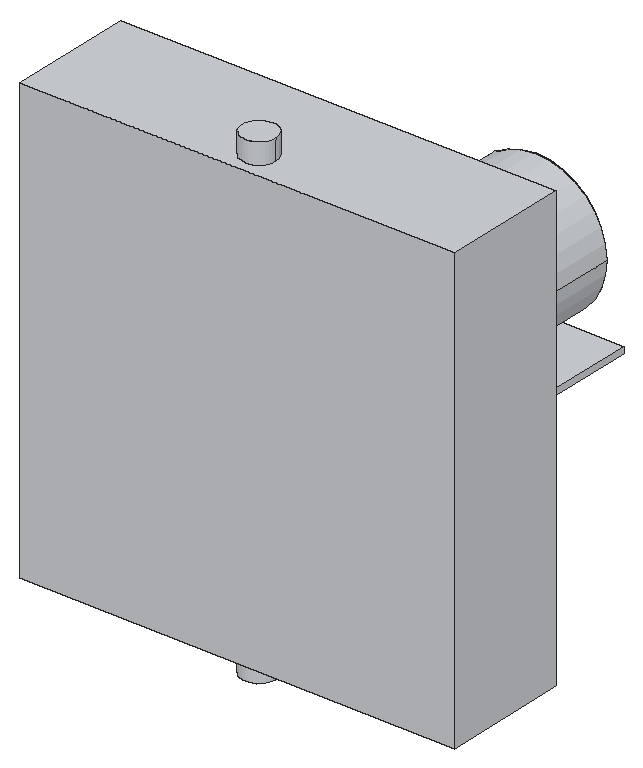
Revit family "93f6a9cf5c4f42e980fe9c9544896d2f", category Mechanical Equipment, Revit 2021
Family settings
  Round Connector Dimension = Use Radius
  Part Type = Normal
  OmniClass Number = 23.75.70.17.34
  OmniClass Title = Unit Heaters
  Seek Item ID = Unit Heater - Steam-0000-USA-ENU
  Work Plane-Based = No
  Always vertical = Yes
  Cut with Voids When Loaded = No
  Shared = No
  Room Calculation Point = No
Parameters (values of type "5000CFM")
  Voltage = 115 V
  Pressure Drop = 0.00 psi
  Number of Poles = 1
  Motor Radius 2 = Motor Diameter 2 / 2  # 0' - 2 19/32"
  Motor Radius 1 = Motor Diameter 1 / 2  # 0' - 5 3/16"
  Load Classification = Heating
  Height 1 = Motor Diameter 1 / 2  # 0' - 5 3/16"
  Heater Unit Material = none
  Half Heater Length = Heater Length / 2  # 1' - 3 7/8"
  HP = "1/3"
  Grille Height = 2' - 0"
  Outlet Radius = 3/4"
  Outlet Diameter = Outlet Radius * 2  # 1 1/2"
  Inlet Radius = 3/4"
  Inlet Diameter = Inlet Radius * 2  # 1 1/2"
  Motor Width = 1' - 2 1/2"
  Motor Diameter 2 = (Motor Diameter 1) * 0.5  # 0' - 5 3/16"
  Motor Diameter 1 = 0' - 10 3/8"
  Heater Width = 0' - 9 1/4"
  Heater Length = 2' - 7 3/4"
  Heater Height = 2' - 8 7/16"
  Flow = 0 GPM
  Default Elevation = 0' - 0"
  Board Width = Motor Diameter 1 / 2 + 0' 1 1/4"  # 0' - 6 7/16"
  Blade Length = 0' - 8 1/4"
  Arrow [instance] = yes
  Array Number = (Heater Height - 0' 8") / 0' 2"  # 12
  Apparent Load = 800 VA
  Air Inlet Radius = Air Inlet Diameter / 2  # 0' - 9 3/4"
  Air Inlet Diameter = Blade Length * 2 + 0' 3"  # 1' - 7 1/2"
Types (6): name | Motor Radius 2 | Motor Radius 1 | Height 1 | Half Heater Length | HP | Grille Height | Outlet Radius | Outlet Diameter | Inlet Radius | Inlet Diameter | Motor Width | Motor Diameter 2 | Motor Diameter 1 | Heater Width | Heater Length | Heater Height | Board Width | Blade Length | Array Number | Apparent Load | Air Inlet Radius | Air Inlet Diameter
  (no name) | 0' - 2 19/32" | 0' - 5 3/16" | 0' - 5 3/16" | 1' - 3 7/8" | "1/3" | 2' - 0" | 3/4" | 1 1/2" | 3/4" | 1 1/2" | 1' - 2 1/2" | 0' - 5 3/16" | 0' - 10 3/8" | 0' - 9 1/4" | 2' - 7 3/4" | 2' - 8 7/16" | 0' - 6 7/16" | 0' - 8 1/4" | 12 | 800 VA | 0' - 9 3/4" | 1' - 7 1/2"
  500CFM | 0' - 0 7/8" | 0' - 1 3/4" | 0' - 1 3/4" | 0' - 8 3/8" | "1/25" | 1' - 0" | 3/4" | 1 1/2" | 3/4" | 1 1/2" | 0' - 9" | 0' - 1 3/4" | 0' - 3 1/2" | 0' - 7 3/8" | 1' - 4 3/4" | 1' - 8 7/16" | 0' - 3" | 0' - 5 1/8" | 6 | 125 VA | 0' - 6 5/8" | 1' - 1 1/4"
  2000CFM | 0' - 2 1/8" | 0' - 4 1/4" | 0' - 4 1/4" | 0' - 11 3/8" | "1/3" | 1' - 6" | 3/4" | 1 1/2" | 3/4" | 1 1/2" | 0' - 11 3/4" | 0' - 4 1/4" | 0' - 8 1/2" | 0' - 9 1/4" | 1' - 10 3/4" | 2' - 2 7/16" | 0' - 5 1/2" | 0' - 6 3/4" | 9 | 500 VA | 0' - 8 1/4" | 1' - 4 1/2"
  3000CFM | 0' - 2 3/8" | 0' - 4 3/4" | 0' - 4 3/4" | 1' - 0 7/8" | "1/3" | 1' - 8" | 3/4" | 1 1/2" | 3/4" | 1 1/2" | 1' - 1 1/8" | 0' - 4 3/4" | 0' - 9 1/2" | 0' - 9 1/4" | 2' - 1 3/4" | 2' - 5 7/16" | 0' - 6" | 0' - 7 1/2" | 11 | 500 VA | 0' - 9" | 1' - 6"
  5000CFM | 0' - 2 19/32" | 0' - 5 3/16" | 0' - 5 3/16" | 1' - 3 7/8" | "1/3" | 2' - 0" | 3/4" | 1 1/2" | 3/4" | 1 1/2" | 1' - 2 1/2" | 0' - 5 3/16" | 0' - 10 3/8" | 0' - 9 1/4" | 2' - 7 3/4" | 2' - 8 7/16" | 0' - 6 7/16" | 0' - 8 1/4" | 12 | 800 VA | 0' - 9 3/4" | 1' - 7 1/2"
  8000CFM | 0' - 3 5/16" | 0' - 6 5/8" | 0' - 6 5/8" | 1' - 8 3/8" | "1 1/2" | 2' - 8" | 1 1/4" | 2 1/2" | 1 1/4" | 2 1/2" | 1' - 6 5/8" | 0' - 6 5/8" | 1' - 1 1/4" | 0' - 10" | 3' - 4 3/4" | 3' - 5 1/2" | 0' - 7 7/8" | 0' - 10 1/2" | 17 | 1000 VA | 1' - 0" | 2' - 0"
Reference planes (in)
  plane 1 "Center (Front/Back)": y = 0
  plane 2: z = 0
  plane 3 "Center (Left/Right)": x = 0
  plane 4: x = -15.875
  plane 5: x = 15.875
  plane 6: y = 9.25
  plane 7 "Center for circle": z = 16.21875
  plane 8: z = 32.4375
  plane 9: z = 16.15625
  plane 10: z = 16.28125
  plane 11: y = 12.75
  plane 12: y = 2
  plane 13: z = 33.9375
  plane 14: y = 27.25
  plane 15: y = 29.25
  plane 16: x = -6.4375
  plane 17: x = 6.4375
  plane 18: z = 11.03125
  plane 19: z = 10.53125
  plane 20: z = -1.5
  plane 21: z = 28.4375
  plane 22: x = -13.5
  plane 23: x = 13.5
  plane 24: z = 14.4375
  plane 25 "1": x = 6.125
  plane 26: z = 15.21875
  plane 27: z = 17.21875
  plane 28: z = 25.46875
  plane 29: z = 6.96875
  plane 30: x = -6.125
  plane 31: z = 4.4375
  plane 32: z = 26.4375
  plane 33: z = 24.4375
  plane 34: z = 22.4375
  plane 35: z = 20.4375
  plane 36: z = 18.4375
  plane 37: z = 10.34375
  plane 38: z = 9.34375
  plane 39: z = 16.4375
  plane 40: z = 14.4375
  plane 41: z = 12.4375
  plane 42: z = 10.4375
  plane 43: z = 8.4375
  plane 44: z = 6.4375
  plane 45: y = -2
  plane 46: y = -4.25
  plane 47: y = -4.5
  plane 48: y = -5
  plane 49: y = -5.25
  plane 50: y = -7.5
  plane 51: y = -10
  plane 52: z = 5
  plane 53: y = 4.625
  plane 54: x = -15.8125
  plane 55: x = -5.1875
  plane 56: x = 0
  plane 57: x = -0.75
  plane 58: x = 0.75
  plane 59: x = -0.5
  plane 60: x = 0.5
Forms (in)
  Extrusion 1, solid, material <- "Heater Unit Material"
    sketch origin (16.56909, 7.03316, 0) x (1, 0, 0) y (0, 1, 0)
      loop
        line (-32.44409, -7.03316) -> (-0.69409, -7.03316) -> (-0.69409, 2.21684) -> (-32.44409, 2.21684) -> (-32.44409, -7.03316)
    from 0 to 32.4375
  Extrusion 2, solid, material <- "Heater Unit Material", detail levels fine
    sketch origin (0, 0, 0) x (1, 0, 0) y (0, 0, 1)
      loop
        circle (0, 16.21875) r 1
    from -12.75 to -9.25
  Extrusion 3, solid, material <- "Heater Unit Material", detail levels fine
    sketch origin (0, 0, 0) x (1, 0, 0) y (0, 1, 0)
      loop
        line (1, 9.25) -> (6.125, 9.25) -> (6.125, 12.75) -> (1, 12.75) -> (1, 9.25)
    from 16.15625 to 16.28125
  Extrusion 4, solid, material <- "Heater Unit Material"
    sketch origin (0, 0, 0) x (1, 0, 0) y (0, 1, 0)
      loop
        circle (0, 2) r 1.25
    from 32.4375 to 33.9375
  Extrusion 5, solid, material <- "Heater Unit Material", detail levels fine
    sketch origin (0, 0, 0) x (1, 0, 0) y (0, 0, 1)
      loop
        circle (0, 16.21875) r 5.1875
    from -27.25 to -12.75
  Blend 6, solid, material <- "Heater Unit Material", detail levels fine
    base sketch origin (0, 0, 0) x (1, 0, 0) y (0, 0, 1)
      loop
        circle (0, 16.21875) r 2.59375
    top sketch origin (0, 0, 0) x (1, 0, 0) y (0, 0, 1)
      loop
        circle (0, 16.21875) r 5.1875
    from -29.25 to -27.25
  Extrusion 7, solid, material <- "Heater Unit Material", detail levels fine
    sketch origin (0, 0, 0) x (1, 0, 0) y (0, 1, 0)
      loop
        line (-6.4375, 12.75) -> (6.4375, 12.75) -> (6.4375, 27.25) -> (-6.4375, 27.25) -> (-6.4375, 12.75)
    from 10.53125 to 11.03125
  Extrusion 8, solid, material <- "Heater Unit Material"
    sketch origin (15, 0, 0) x (1, 0, 0) y (0, 1, 0)
      loop
        circle (-15, 2) r 1.25
    from -1.5 to 0
  Extrusion 9, solid, material <- "Heater Unit Material", detail levels fine
    sketch origin (10.21875, 0, 10.21875) x (0, 0, 1) y (0, 1, 0)
      loop
        line (7, 9.25) -> (15.25, 9.25) -> (15.25, 12.75) -> (7, 12.75) -> (7, 9.25)
    from 10.15625 to 10.28125
  Extrusion 10, solid, material <- "Heater Unit Material", detail levels fine
    sketch origin (0, 0, 0) x (-1, 0, 0) y (0, -1, 0)
      loop
        line (4.4375, -9.25) -> (4.4375, -12.75) -> (6.125, -12.75) -> (6.125, -9.25) -> (4.4375, -9.25)
    from 16.15625 to 16.28125
  Extrusion 11, solid, material <- "Heater Unit Material", detail levels fine
    sketch origin (10.21875, 0, 10.21875) x (0, 0, -1) y (0, -1, 0)
      loop
        line (-5, -9.25) -> (-5, -12.75) -> (3.25, -12.75) -> (3.25, -9.25) -> (-5, -9.25)
    from 10.15625 to 10.28125
  Extrusion 12, solid, material <- "Heater Unit Material", detail levels coarse+medium
    sketch origin (0, 0, 0) x (1, 0, 0) y (0, 0, 1)
      loop
        circle (0, 16.21875) r 9.75
    from -29.25 to -9.25
  Extrusion 13, solid
    sketch origin (0, 0, 0) x (0, 1, 0) y (0, 0, 1)
      loop
        circle (4.625, 5) r 1
    from -15.875 to -15.8125
Lines and regions (in)
  model lines, detail levels fine
    curve 1: line (-13.5, 0, 28.4375) -> (13.5, 0, 28.4375)
    curve 2: line (-13.5, 0, 28.4375) -> (-13.5, 0, 4.4375)
    curve 3: line (13.5, 0, 28.4375) -> (13.5, 0, 4.4375)
    curve 4: line (-13.5, 0, 26.4375) -> (13.5, 0, 26.4375)
    curve 5: line (-13.5, 0, 24.4375) -> (13.5, 0, 24.4375)
    curve 6: line (-13.5, 0, 22.4375) -> (13.5, 0, 22.4375)
    curve 7: line (13.5, 0, 20.4375) -> (-13.5, 0, 20.4375)
    curve 8: line (13.5, 0, 18.4375) -> (-13.5, 0, 18.4375)
    curve 9: line (13.5, 0, 16.4375) -> (-13.5, 0, 16.4375)
    curve 10: line (13.5, 0, 14.4375) -> (-13.5, 0, 14.4375)
    curve 11: line (-13.5, 0, 12.4375) -> (13.5, 0, 12.4375)
    curve 12: line (13.5, 0, 10.4375) -> (-13.5, 0, 10.4375)
    curve 13: line (13.5, 0, 8.4375) -> (-13.5, 0, 8.4375)
    curve 14: line (13.5, 0, 6.4375) -> (-13.5, 0, 6.4375)
    curve 15: line (13.5, 0, 4.4375) -> (-13.5, 0, 4.4375)
  symbolic lines, visible <- "Arrow", detail levels coarse+medium
    curve 16: line (0, -2, 0) -> (0, -4.25, 0)
    curve 17: line (0, -4.25, 0) -> (0.75, -4.5, 0)
    curve 18: line (0.75, -4.5, 0) -> (-0.75, -5, 0)
    curve 19: line (-0.75, -5, 0) -> (0, -5.25, 0)
    curve 20: line (0, -5.25, 0) -> (0, -7.5, 0)
    curve 21: line (-0.5, -7.5, 0) -> (0.5, -7.5, 0)
    curve 22: line (0.5, -7.5, 0) -> (0, -10, 0)
    curve 23: line (-0.5, -7.5, 0) -> (0, -10, 0)
Dimensions and locks (in)
  equal spacing: level, plane 7 "Center for circle", plane 8
  "Heater Length": plane 4 to plane 5
  "Half Heater Length": plane 4 to plane 3 "Center (Left/Right)"
  "Half Heater Length": plane 3 "Center (Left/Right)" to plane 5
  "Heater Width": plane 1 "Center (Front/Back)" to plane 6
  locked: plane 13 to plane 8 at 1.5
  locked: plane 6 to plane 11 at 3.5
  locked: plane 1 "Center (Front/Back)" to plane 12 at 2
  locked: plane 14 to plane 15 at 2
  "Board Width": plane 16 to plane 3 "Center (Left/Right)"
  "Board Width": plane 3 "Center (Left/Right)" to plane 17
  "Heater Height": level to plane 8
  locked: plane 7 "Center for circle" to plane 10 at 0.0625
  locked: plane 9 to plane 7 "Center for circle" at 0.0625
  "Height 1": plane 18 to plane 7 "Center for circle"
  locked: plane 19 to plane 18 at 0.5
  plane 8 to plane 13 = 0' - 1 1/2"
  locked: plane 22 to plane 4 at 2.375
  locked: plane 8 to plane 21 at 4
  locked: plane 5 to plane 23 at 2.375
  locked: plane 20 to level at 1.5
  "Blade Length": plane 27 to plane 28
  "Blade Length": plane 29 to plane 26
  locked: Extrusion 11 to plane 3 "Center (Left/Right)" at 0.0625
  locked: plane 3 "Center (Left/Right)" to Extrusion 11 at 0.0625
  locked: plane 7 "Center for circle" to plane 27 at 1
  locked: plane 26 to plane 7 "Center for circle" at 1
  level to plane 20 = 0' - 1 1/2"
  "Motor Width": plane 11 to plane 14
  "Grille Height": plane 21 to plane 31
  equal spacing: plane 21, plane 32, plane 33, plane 34, plane 35, plane 36, plane 39, plane 40, plane 41, plane 42, plane 43, plane 44, plane 31
  plane 45 to plane 1 "Center (Front/Back)" = 0' - 2"
  plane 46 to plane 45 = 0' - 2 1/4"
  plane 51 to plane 50 to plane 49 to plane 48 to plane 47 to plane 46 = 0' - 2 1/2", 0' - 2 1/4", 0' - 0 1/4", 0' - 0 1/2", 0' - 0 1/4"
  equal spacing: plane 6, plane 53, plane 1 "Center (Front/Back)"
  locked: plane 52 to plane 2 at 5
  locked: plane 4 to plane 54 at 0.0625
  plane 16 to plane 55 = 0' - 1 1/4"
  plane 57 to plane 56 to plane 58 = 0' - 0 3/4", 0' - 0 3/4"
  plane 59 to plane 56 to plane 60 = 0' - 0 1/2", 0' - 0 1/2"
  "Motor Radius 2": radius of Blend 6 sketch curve
  "Motor Radius 1": radius of Extrusion 5 sketch curve
  "Motor Radius 1": radius of Blend 6 sketch curve
  "Air Inlet Radius": radius of Extrusion 12 sketch curve
  radius of Extrusion 4 = 0' - 1 1/4"
  radius of Extrusion 2 = 0' - 1"
  aligned and locked: Extrusion 1 to plane 6
  aligned and locked: plane 5 to Extrusion 1
  aligned and locked: Extrusion 1 to plane 4
  aligned and locked: plane 8 to Extrusion 1
  aligned and locked: plane 7 "Center for circle" to Extrusion 2 sketch curve
  aligned and locked: plane 3 "Center (Left/Right)" to Extrusion 2 sketch curve
  aligned and locked: plane 6 to Extrusion 2
  aligned and locked: plane 6 to Extrusion 3
  aligned and locked: plane 10 to Extrusion 3
  aligned and locked: Extrusion 3 to plane 9
  aligned and locked: plane 1 "Center (Front/Back)" to Extrusion 1
  aligned and locked: Extrusion 2 to plane 11
  aligned and locked: Extrusion 3 to plane 11
  aligned and locked: plane 12 to Extrusion 4 sketch curve
  aligned and locked: plane 3 "Center (Left/Right)" to Extrusion 4 sketch curve
  aligned and locked: plane 13 to Extrusion 4
  aligned and locked: Extrusion 4 to plane 8
  aligned and locked: plane 7 "Center for circle" to Extrusion 5 sketch curve
  aligned and locked: plane 3 "Center (Left/Right)" to Extrusion 5 sketch curve
  aligned and locked: Extrusion 5 to plane 14
  aligned and locked: plane 11 to Extrusion 5
  aligned and locked: plane 3 "Center (Left/Right)" to Blend 6 sketch curve  (x2)
  aligned and locked: plane 7 "Center for circle" to Blend 6 sketch curve  (x2)
  aligned and locked: Blend 6 to plane 15
  aligned and locked: plane 14 to Blend 6
  aligned and locked: Extrusion 7 to plane 16
  aligned and locked: plane 17 to Extrusion 7
  aligned and locked: plane 11 to Extrusion 7
  aligned and locked: Extrusion 7 to plane 14
  aligned and locked: plane 18 to Extrusion 7
  aligned and locked: Extrusion 7 to plane 19
  aligned and locked: Extrusion 8 to plane 20
  aligned and locked: level to Extrusion 8
  aligned and locked: plane 3 "Center (Left/Right)" to Extrusion 8 sketch curve
  aligned and locked: plane 12 to Extrusion 8 sketch curve
  aligned and locked: plane 25 "1" to Extrusion 3
  aligned and locked: Extrusion 12 to plane 15
  aligned and locked: plane 6 to Extrusion 12
  aligned and locked: plane 7 "Center for circle" to Extrusion 12 sketch curve
  aligned and locked: plane 3 "Center (Left/Right)" to Extrusion 12 sketch curve
  aligned and locked: Extrusion 9 to plane 27  (x2)
  aligned and locked: plane 26 to Extrusion 11  (x4)
  aligned and locked: Extrusion 11 to plane 29
  aligned and locked: Extrusion 10 to plane 30
  aligned and locked: plane 28 to Extrusion 9
  aligned and locked: plane 10 to Extrusion 10
  aligned and locked: Extrusion 10 to plane 9
  aligned and locked: Extrusion 1 to level
  aligned and locked: plane 6 to Extrusion 11
  aligned and locked: plane 6 to Extrusion 9
  aligned and locked: curve 1 to plane 21
  aligned and locked: plane 31 to curve 2
  aligned and locked: plane 21 to curve 3
  aligned and locked: curve 4 to plane 32
  aligned and locked: curve 5 to plane 33
  aligned and locked: curve 6 to plane 34
  aligned and locked: curve 7 to plane 35
  aligned and locked: plane 22 to curve 7
  aligned and locked: curve 8 to plane 36
  aligned and locked: curve 9 to plane 39
  aligned and locked: curve 10 to plane 40
  aligned and locked: plane 41 to curve 11
  aligned and locked: curve 12 to plane 42
  aligned and locked: curve 14 to plane 44
  aligned and locked: curve 15 to plane 31
  aligned and locked: plane 22 to curve 8
  aligned and locked: plane 23 to curve 13
  aligned and locked: plane 23 to curve 15
  aligned and locked: Extrusion 13 to plane 4
  aligned and locked: plane 54 to Extrusion 13
  aligned and locked: plane 50 to curve 21
  aligned and locked: plane 60 to curve 22
  aligned and locked: plane 59 to curve 23
  aligned and locked: plane 51 to curve 23
  aligned and locked: plane 56 to curve 23
  aligned and locked: curve 16 to plane 56
  aligned and locked: curve 20 to plane 56
  aligned and locked: plane 57 to curve 19
  aligned and locked: plane 58 to curve 18
  aligned and locked: plane 46 to curve 16
Automatic sketch dimensions
  curve 13 to plane 43 = 0' - 0"
  Extrusion 1 sketch curve to plane 4 = 0' - 0"
  Extrusion 1 sketch curve to plane 5 = 0' - 0"
  Extrusion 1 sketch curve to plane 1 "Center (Front/Back)" = 0' - 0"
  Extrusion 1 sketch curve to plane 6 = 0' - 0"
  Extrusion 3 sketch curve to plane 11 = 0' - 0"
  Extrusion 3 sketch curve to plane 25 "1" = 0' - 0"
  Extrusion 3 sketch curve to plane 6 = 0' - 0"
  Extrusion 7 sketch curve to plane 14 = 0' - 0"
  Extrusion 7 sketch curve to plane 16 = 0' - 0"
  Extrusion 7 sketch curve to plane 17 = 0' - 0"
  Extrusion 7 sketch curve to plane 11 = 0' - 0"
  Extrusion 9 sketch curve to plane 11 = 0' - 0"
  Extrusion 9 sketch curve to plane 27 = 0' - 0"
  Extrusion 9 sketch curve to plane 28 = 0' - 0"
  Extrusion 9 sketch curve to plane 6 = 0' - 0"
  Extrusion 10 sketch curve to plane 11 = 0' - 0"
  Extrusion 10 sketch curve to plane 30 = 0' - 0"
  Extrusion 10 sketch curve to plane 6 = 0' - 0"
  Extrusion 11 sketch curve to plane 11 = 0' - 0"
  Extrusion 11 sketch curve to plane 26 = 0' - 0"
  Extrusion 11 sketch curve to plane 29 = 0' - 0"
  Extrusion 11 sketch curve to plane 6 = 0' - 0"
  Extrusion 13 sketch curve to plane 52 = 0' - 0"
  Extrusion 13 sketch curve to plane 53 = 0' - 0"
  Extrusion 10 sketch curve to plane 55 = 0' - 0 3/4"
  plane 3 "Center (Left/Right)" to Extrusion 3 sketch curve = 0' - 1"
  curve 19 to plane 48 = 0' - 0"
  curve 17 to plane 47 = 0' - 0"
  curve 19 to plane 49 = 0' - 0"
  curve 16 to plane 45 = 0' - 0"
  radius of Extrusion 2 sketch curve = 0' - 1"
  radius of Extrusion 8 sketch curve = 0' - 1 1/4"
  radius of Extrusion 13 sketch curve = 0' - 1"
  radius of Extrusion 4 sketch curve = 0' - 1 1/4"
Connectors (in)
  piping at (0, 2, 33.9375), diameter 1.5, driven by "Inlet Radius", driven by "Flow"
    settings: on Extrusion 4, index 1, connector inside diameter 1 1/2", connector length 0' - 0", flow factor 0, pipe flow 0 GPM, pressure drop 0.00 psi, fitting loss kfactor 0, connector angle 0.00°, fixture units 0, engagement length 0' - 0", angle of deflection 0.00°, flow configuration 1, flow direction 1, fitting loss method 4, system type 22, joint type 0, gender type 0, connector reference index 2, connector utility 0, adjustable connector no, is connector primary yes, connector description "Flow In"
  piping at (0, 2, -1.5), diameter 1.5, driven by "Outlet Radius", driven by "Flow", driven by "Pressure Drop"
    settings: on Extrusion 8, index 2, connector inside diameter 1 1/2", connector length 0' - 0", flow factor 0, pipe flow 0 GPM, pressure drop 0.00 psi, fitting loss kfactor 0, connector angle 0.00°, fixture units 0, engagement length 0' - 0", angle of deflection 0.00°, flow configuration 1, flow direction 2, fitting loss method 4, system type 22, joint type 0, gender type 0, connector reference index 1, connector utility 0, adjustable connector no, is connector primary no, connector description "Flow Out"
  electrical at (-15.875, 4.625, 5), driven by "Voltage", driven by "Number of Poles", driven by "Apparent Load", driven by "Load Classification"
    settings: on Extrusion 13, index 3, voltage 115 V, apparent load 800 VA, apparent load phase1 0 VA, apparent load phase2 0 VA, apparent load phase3 0 VA, power factor 0.8, load classification "Heating", number of poles 1, system type 30, power factor state 1, is connector primary yes, connector utility no, sub classification motor no, connector description ""
